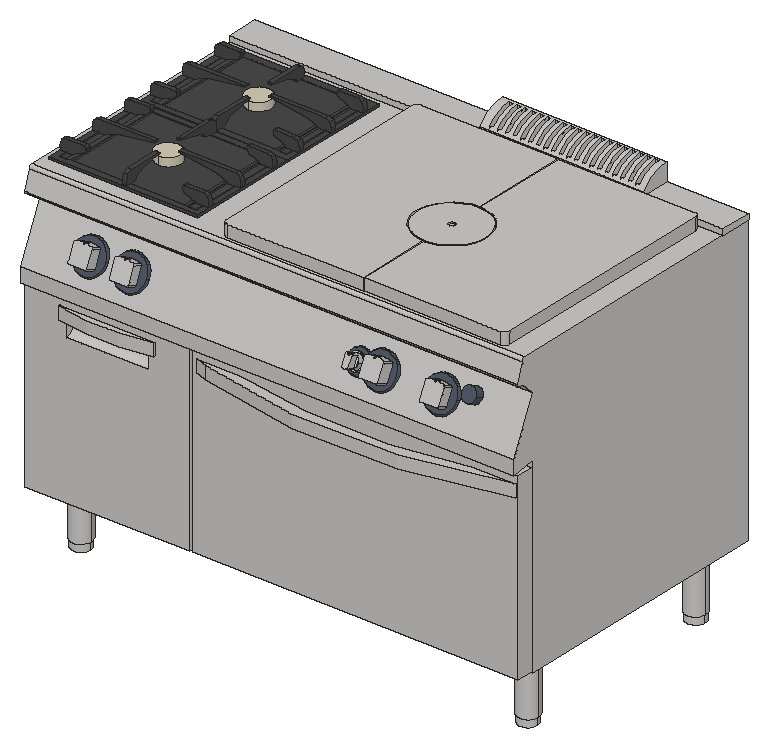
Revit family "QF_ZANUSSI_372010_Z7STGL3010", category Specialty Equipment, Revit 2018 (continued)
Automatic sketch dimensions
  Extrusion 8 sketch curve to plane 5 "FRONT" = 0 mm
  plane 9 "Base" to Extrusion 8 sketch curve = 6.458 mm
  Extrusion 8 sketch curve to plane 5 "FRONT" = 35.998 mm
  plane 9 "Base" to Extrusion 8 sketch curve = 5 mm
  curve 110 to curve 111 = 0 mm  (x2)
  curve 110 to curve 112 = 0 mm  (x2)
  curve 110 to curve 113 = 0 mm  (x2)
  curve 111 to curve 112 = 0 mm  (x2)
  curve 111 to curve 113 = 0 mm  (x2)
  curve 112 to curve 113 = 0 mm  (x2)
  curve 2 to plane 4 "RIGHT" = 0 mm
  plane 1 "BACK" to curve 92 = 0 mm
  plane 11 to curve 199 = 0 mm
  curve 1 to plane 3 "LEFT" = 0 mm
  plane 4 "RIGHT" to curve 11 = 150 mm
  curve 108 to plane 4 "RIGHT" = 52.4 mm
  curve 107 to curve 106 = 12.7 mm
  curve 109 to curve 102 = 12.7 mm
  plane 1 "BACK" to curve 60 = 63.911 mm
  curve 102 to curve 60 = 147.347 mm
  curve 60 to curve 61 = 9.296 mm
  curve 62 to curve 64 = 9.397 mm
  curve 64 to curve 66 = 9.296 mm
  curve 66 to curve 71 = 9.397 mm
  curve 68 to curve 70 = 9.296 mm
  curve 70 to curve 72 = 9.397 mm
  curve 72 to curve 73 = 9.296 mm
  curve 74 to curve 79 = 9.397 mm
  curve 76 to curve 79 = 9.296 mm
  curve 78 to curve 80 = 9.397 mm
  curve 80 to curve 81 = 9.296 mm
  curve 82 to curve 87 = 9.397 mm
  curve 84 to curve 86 = 9.296 mm
  curve 86 to curve 91 = 9.397 mm
  curve 88 to curve 91 = 9.296 mm
  curve 89 to curve 16 = 9.397 mm
  curve 16 to curve 18 = 9.296 mm
  curve 17 to curve 21 = 9.397 mm
  curve 20 to curve 23 = 9.296 mm
  plane 8 "Center X" to curve 103 = 30.487 mm
  plane 7 "Center Y" to curve 103 = 204.128 mm
  curve 105 to plane 5 "FRONT" = 27.7 mm
  plane 7 "Center Y" to curve 105 = 203.647 mm
  curve 104 to curve 100 = 1.245 mm
  curve 100 to curve 110 = 0.283 mm
  curve 110 to curve 104 = 0.04 mm
  curve 104 to curve 101 = 2.956 mm
  curve 105 to curve 99 = 2.634 mm
  curve 21 to curve 25 = 9.397 mm
  curve 24 to curve 27 = 9.296 mm
  curve 26 to curve 28 = 9.397 mm
  curve 28 to curve 30 = 9.296 mm
  curve 30 to curve 32 = 9.397 mm
  curve 32 to curve 35 = 9.296 mm
  curve 34 to curve 39 = 9.397 mm
  curve 36 to curve 38 = 9.296 mm
  curve 37 to curve 41 = 9.397 mm
  curve 40 to curve 42 = 9.296 mm
  curve 41 to curve 44 = 9.397 mm
  curve 44 to curve 46 = 9.296 mm
  curve 46 to curve 48 = 9.397 mm
  curve 48 to curve 50 = 9.296 mm
  curve 50 to curve 55 = 9.397 mm
  curve 52 to curve 54 = 9.296 mm
  curve 53 to curve 56 = 9.397 mm
  curve 56 to curve 59 = 9.296 mm
  curve 57 to curve 13 = 9.397 mm
  curve 12 to curve 15 = 9.296 mm
  curve 98 to plane 5 "FRONT" = 27.7 mm
  curve 98 to plane 7 "Center Y" = 129.7 mm
  curve 95 to plane 7 "Center Y" = 129.7 mm
  curve 95 to curve 96 = 12.7 mm
  curve 9 to plane 3 "LEFT" = 150 mm
  curve 10 to plane 1 "BACK" = 150 mm
  plane 1 "BACK" to curve 82 = 6.761 mm
  plane 1 "BACK" to curve 87 = 6.761 mm
  plane 1 "BACK" to curve 90 = 6.761 mm
  plane 1 "BACK" to curve 59 = 6.761 mm
  plane 1 "BACK" to curve 12 = 6.761 mm
  plane 1 "BACK" to curve 79 = 6.761 mm
  plane 1 "BACK" to curve 16 = 6.761 mm
  plane 1 "BACK" to curve 75 = 6.761 mm
  plane 1 "BACK" to curve 20 = 6.761 mm
  plane 1 "BACK" to curve 71 = 6.761 mm
  plane 1 "BACK" to curve 24 = 6.761 mm
  plane 1 "BACK" to curve 67 = 6.761 mm
  plane 1 "BACK" to curve 28 = 6.761 mm
  plane 1 "BACK" to curve 63 = 6.761 mm
  plane 1 "BACK" to curve 32 = 6.761 mm
  plane 1 "BACK" to curve 55 = 6.761 mm
  plane 1 "BACK" to curve 36 = 6.761 mm
  plane 1 "BACK" to curve 51 = 6.761 mm
  plane 1 "BACK" to curve 40 = 6.761 mm
  plane 1 "BACK" to curve 47 = 6.761 mm
  curve 46 to curve 46 = 57.15 mm
  curve 44 to curve 42 = 0 mm
  curve 48 to curve 45 = 0 mm
  curve 40 to curve 38 = 0 mm
  curve 52 to curve 49 = 0 mm
  curve 36 to curve 34 = 0 mm
  curve 56 to curve 53 = 0 mm
  curve 32 to curve 30 = 0 mm
  curve 86 to curve 86 = 57.15 mm
  curve 28 to curve 26 = 0 mm
  curve 64 to curve 61 = 0 mm
  curve 24 to curve 22 = 0 mm
  curve 68 to curve 65 = 0 mm
  curve 20 to curve 18 = 0 mm
  curve 72 to curve 69 = 0 mm
  curve 14 to curve 57 = 0 mm
  curve 76 to curve 73 = 0 mm
  curve 88 to curve 85 = 0 mm
  curve 80 to curve 77 = 0 mm
  curve 24 to curve 102 = 18.389 mm
  curve 94 to curve 102 = 0 mm
  curve 104 to curve 101 = 0.006 mm
  curve 100 to plane 8 "Center X" = 54.999 mm
  curve 100 to curve 104 = 0 mm
  curve 104 to curve 112 = 0.001 mm
  plane 14 to curve 4 = 0.129 mm
  plane 14 to curve 7 = 0.129 mm
  curve 92 to curve 60 = 14.847 mm
  plane 7 "Center Y" to curve 93 = 2.4 mm
  curve 199 to plane 7 "Center Y" = 191.5 mm
  curve 199 to curve 198 = 8 mm
  curve 5 to curve 108 = 25.15 mm
  curve 5 to curve 6 = 6.35 mm
  curve 100 to curve 111 = 2.881 mm
  curve 113 to curve 104 = 6.999 mm
  plane 14 to curve 198 = 0.129 mm
  plane 14 to curve 9 = 0.129 mm
  plane 14 to curve 11 = 0.129 mm
  plane 14 to curve 199 = 0.129 mm
  plane 14 to Extrusion 9 sketch curve = 0 mm  (x2)
  Extrusion 9 sketch curve to plane 3 "LEFT" = 0 mm
  plane 1 "BACK" to Extrusion 9 sketch curve = 0 mm
  Extrusion 9 sketch curve to plane 4 "RIGHT" = 0 mm
  Extrusion 9 sketch curve to plane 3 "LEFT" = 150 mm
  plane 4 "RIGHT" to Extrusion 9 sketch curve = 150 mm
  Extrusion 9 sketch curve to plane 1 "BACK" = 150 mm
  Extrusion 10 sketch curve to Extrusion 10 sketch curve = 0 mm  (x5)
  plane 1 "BACK" to Extrusion 10 sketch curve = 82.3 mm
  Extrusion 10 sketch curve to Extrusion 10 sketch curve = 12.7 mm  (x2)
  plane 8 "Center X" to Extrusion 10 sketch curve = 30.487 mm
  Extrusion 10 sketch curve to Extrusion 10 sketch curve = 0.006 mm
  Extrusion 10 sketch curve to plane 8 "Center X" = 54.999 mm
  Extrusion 10 sketch curve to Extrusion 10 sketch curve = 0.001 mm
  Extrusion 10 sketch curve to Extrusion 10 sketch curve = 85.475 mm
  Extrusion 10 sketch curve to Extrusion 10 sketch curve = 0.017 mm
  Extrusion 10 sketch curve to plane 5 "FRONT" = 40.4 mm  (x2)
  Extrusion 10 sketch curve to plane 5 "FRONT" = 27.7 mm
  Extrusion 10 sketch curve to plane 7 "Center Y" = 142.4 mm
  plane 7 "Center Y" to Extrusion 10 sketch curve = 201.013 mm
  Extrusion 10 sketch curve to Extrusion 10 sketch curve = 330.871 mm
  Extrusion 10 sketch curve to Extrusion 10 sketch curve = 0.324 mm
  Extrusion 10 sketch curve to Extrusion 10 sketch curve = 0.04 mm
  Extrusion 10 sketch curve to Extrusion 10 sketch curve = 2.634 mm
  Extrusion 10 sketch curve to plane 4 "RIGHT" = 65.1 mm
  Extrusion 11 sketch curve to Extrusion 11 sketch curve = 0 mm  (x2)
  Extrusion 11 sketch curve to plane 8 "Center X" = 55 mm
  plane 7 "Center Y" to Extrusion 11 sketch curve = 202.6 mm
  Extrusion 11 sketch curve to Extrusion 11 sketch curve = 7 mm
  plane 1 "BACK" to Extrusion 12 sketch curve = 63.911 mm  (x2)
  Extrusion 12 sketch curve to plane 4 "RIGHT" = 212.447 mm
  Extrusion 12 sketch curve to Extrusion 12 sketch curve = 9.296 mm  (x20)
  Extrusion 12 sketch curve to Extrusion 12 sketch curve = 9.397 mm  (x19)
  Extrusion 12 sketch curve to Extrusion 12 sketch curve = 0 mm  (x18)
  plane 1 "BACK" to Extrusion 12 sketch curve = 6.761 mm  (x20)
  Extrusion 13 sketch curve to plane 1 "BACK" = 0 mm
  Extrusion 13 sketch curve to plane 6 "TOP" = 0 mm
  plane 1 "BACK" to Extrusion 13 sketch curve = 1.769 mm
  plane 10 to Extrusion 13 sketch curve = 23.813 mm
  plane 1 "BACK" to Extrusion 13 sketch curve = 69.85 mm
  plane 10 to Extrusion 13 sketch curve = 14.288 mm
  plane 13 to Blend 14 sketch curve = 30.042 mm  (x2)
  plane 13 to Extrusion 15 sketch curve = 53.042 mm
  Extrusion 15 sketch curve to Extrusion 15 sketch curve = 2.997 mm  (x3)
  Extrusion 15 sketch curve to Extrusion 15 sketch curve = 20.003 mm
  plane 13 to Extrusion 15 sketch curve = 10.039 mm  (x2)
  Extrusion 15 sketch curve to Extrusion 15 sketch curve = 5.399 mm
  Extrusion 15 sketch curve to Extrusion 15 sketch curve = 40.037 mm
  Extrusion 15 sketch curve to Extrusion 15 sketch curve = 0 mm  (x2)
  plane 12 "panel" to Extrusion 16 sketch curve = 35 mm
  plane 5 "FRONT" to Extrusion 16 sketch curve = 5.671 mm
  Extrusion 16 sketch curve to Extrusion 16 sketch curve = 3 mm
  Extrusion 16 sketch curve to Extrusion 16 sketch curve = 0 mm  (x2)
  Extrusion 16 sketch curve to Extrusion 16 sketch curve = 1 mm
  Extrusion 16 sketch curve to Extrusion 16 sketch curve = 15 mm
  plane 13 to Extrusion 17 sketch curve = 47.542 mm
  plane 13 to Extrusion 17 sketch curve = 12.542 mm
  Extrusion 17 sketch curve to Extrusion 17 sketch curve = 35 mm
  plane 12 "panel" to Extrusion 18 sketch curve = 35 mm
  plane 5 "FRONT" to Extrusion 18 sketch curve = 5.671 mm
  Extrusion 18 sketch curve to Extrusion 18 sketch curve = 3 mm
  Extrusion 18 sketch curve to Extrusion 18 sketch curve = 0 mm
  Extrusion 18 sketch curve to Extrusion 18 sketch curve = 1 mm  (x2)
  Extrusion 18 sketch curve to Extrusion 18 sketch curve = 15 mm
  Extrusion 19 sketch curve to plane 13 = 87.458 mm
  Extrusion 19 sketch curve to Extrusion 19 sketch curve = 35 mm  (x2)
  Blend 20 sketch curve to plane 13 = 69.958 mm  (x2)
  Extrusion 21 sketch curve to plane 13 = 92.958 mm
  Extrusion 21 sketch curve to Extrusion 21 sketch curve = 2.997 mm  (x3)
  Extrusion 21 sketch curve to Extrusion 21 sketch curve = 20.003 mm  (x2)
  Extrusion 21 sketch curve to Extrusion 21 sketch curve = 40.005 mm
  Extrusion 21 sketch curve to Extrusion 21 sketch curve = 0 mm  (x2)
  Extrusion 21 sketch curve to Extrusion 21 sketch curve = 40.037 mm
  Extrusion 21 sketch curve to Extrusion 21 sketch curve = 5.399 mm
  Split face 2 sketch curve to Split face 2 sketch curve = 6 mm
  Split face 2 sketch curve to Split face 2 sketch curve = 10 mm
  Split face 3 sketch curve to Split face 3 sketch curve = 5 mm
  Split face 3 sketch curve to Split face 3 sketch curve = 9 mm
  Split face 4 sketch curve to Split face 4 sketch curve = 5 mm
  Split face 5 sketch curve to Split face 5 sketch curve = 5 mm
  Split face 6 sketch curve to Split face 6 sketch curve = 6 mm
  Split face 6 sketch curve to Split face 6 sketch curve = 10 mm
  Split face 7 sketch curve to Split face 7 sketch curve = 5 mm
  Split face 7 sketch curve to Split face 7 sketch curve = 9 mm
  Split face 8 sketch curve to Split face 8 sketch curve = 5 mm
  Split face 9 sketch curve to Split face 9 sketch curve = 5 mm
  plane 7 "Center Y" to Blend 22 sketch curve = 202 mm  (x2)
  Blend 22 sketch curve to Blend 22 sketch curve = 53 mm  (x2)
  Blend 22 sketch curve to Blend 22 sketch curve = 0 mm  (x2)
  Blend 22 sketch curve to Blend 22 sketch curve = 17.95 mm
  Blend 22 sketch curve to Blend 22 sketch curve = 24.037 mm
  Blend 22 sketch curve to Blend 22 sketch curve = 18.422 mm
  Blend 22 sketch curve to Blend 22 sketch curve = 21.086 mm
  plane 7 "Center Y" to Extrusion 23 sketch curve = 199.999 mm
  plane 12 "panel" to Extrusion 24 sketch curve = 40 mm
  plane 7 "Center Y" to Extrusion 24 sketch curve = 183.107 mm
  Extrusion 24 sketch curve to Extrusion 24 sketch curve = 6.058 mm
  Extrusion 24 sketch curve to Extrusion 24 sketch curve = 0.01 mm  (x4)
  Extrusion 24 sketch curve to Extrusion 24 sketch curve = 8.895 mm  (x2)
  Extrusion 24 sketch curve to Extrusion 24 sketch curve = 15.995 mm
  Extrusion 24 sketch curve to Extrusion 24 sketch curve = 2.827 mm
  Extrusion 24 sketch curve to Extrusion 24 sketch curve = 15.163 mm
  Extrusion 24 sketch curve to Extrusion 24 sketch curve = 0 mm
  Extrusion 24 sketch curve to Extrusion 24 sketch curve = 15.173 mm
  plane 7 "Center Y" to Extrusion 25 sketch curve = 232 mm
  Extrusion 25 sketch curve to Extrusion 25 sketch curve = 2.997 mm  (x3)
  Extrusion 25 sketch curve to Extrusion 25 sketch curve = 20.003 mm  (x2)
  Extrusion 25 sketch curve to Extrusion 25 sketch curve = 40.005 mm
  Extrusion 25 sketch curve to Extrusion 25 sketch curve = 5.399 mm
  Extrusion 25 sketch curve to Extrusion 25 sketch curve = 40.037 mm
  Extrusion 25 sketch curve to Extrusion 25 sketch curve = 0 mm  (x2)
  Split face 43 sketch curve to Split face 43 sketch curve = 2.545 mm
  Split face 43 sketch curve to Split face 43 sketch curve = 4.379 mm
  Blend 26 sketch curve to plane 4 "RIGHT" = 197.543 mm  (x2)
  Extrusion 27 sketch curve to plane 4 "RIGHT" = 220.543 mm
  Extrusion 27 sketch curve to Extrusion 27 sketch curve = 2.997 mm  (x3)
  Extrusion 27 sketch curve to Extrusion 27 sketch curve = 20.003 mm  (x2)
  Extrusion 27 sketch curve to Extrusion 27 sketch curve = 40.005 mm
  Extrusion 27 sketch curve to Extrusion 27 sketch curve = 5.399 mm
  Extrusion 27 sketch curve to Extrusion 27 sketch curve = 40.037 mm
  Extrusion 27 sketch curve to Extrusion 27 sketch curve = 0 mm  (x2)
  plane 12 "panel" to Extrusion 28 sketch curve = 35 mm
  plane 5 "FRONT" to Extrusion 28 sketch curve = 5.671 mm
  Extrusion 28 sketch curve to Extrusion 28 sketch curve = 3 mm
  Extrusion 28 sketch curve to Extrusion 28 sketch curve = 0 mm  (x2)
  Extrusion 28 sketch curve to Extrusion 28 sketch curve = 1 mm
  Extrusion 28 sketch curve to Extrusion 28 sketch curve = 15 mm
  Extrusion 29 sketch curve to plane 4 "RIGHT" = 215.043 mm
  Extrusion 29 sketch curve to Extrusion 29 sketch curve = 35 mm  (x2)
  Split face 45 sketch curve to Split face 45 sketch curve = 6 mm
  Split face 45 sketch curve to Split face 45 sketch curve = 10 mm
  Split face 46 sketch curve to Split face 46 sketch curve = 5 mm
  Split face 46 sketch curve to Split face 46 sketch curve = 9 mm
  Split face 47 sketch curve to Split face 47 sketch curve = 5 mm
  Split face 48 sketch curve to Split face 48 sketch curve = 5 mm
  Extrusion 30 sketch curve to plane 4 "RIGHT" = 122.817 mm
  Extrusion 31 sketch curve to plane 4 "RIGHT" = 122.817 mm
  plane 7 "Center Y" to Extrusion 32 sketch curve = 199.999 mm
  Extrusion 33 sketch curve to Extrusion 33 sketch curve = 0 mm  (x6)
  plane 5 "FRONT" to Extrusion 33 sketch curve = 0 mm  (x2)
  Extrusion 33 sketch curve to plane 4 "RIGHT" = 5.75 mm
  Extrusion 33 sketch curve to Extrusion 33 sketch curve = 93.605 mm
  plane 7 "Center Y" to Extrusion 33 sketch curve = 204.25 mm
  Extrusion 33 sketch curve to plane 1 "BACK" = 537.5 mm
  Extrusion 33 sketch curve to plane 14 = 4.65 mm
  plane 5 "FRONT" to Extrusion 34 sketch curve = 0 mm
  Extrusion 34 sketch curve to plane 13 = 138.301 mm
  Extrusion 34 sketch curve to plane 13 = 23.028 mm
  plane 3 "LEFT" to Extrusion 34 sketch curve = 85.253 mm
  plane 1 "BACK" to Extrusion 34 sketch curve = 161.295 mm
  Extrusion 34 sketch curve to Extrusion 34 sketch curve = 3 mm
  plane 5 "FRONT" to curve 185 = 0 mm
  plane 5 "FRONT" to curve 181 = 0 mm
  plane 5 "FRONT" to curve 180 = 0 mm
  plane 5 "FRONT" to curve 184 = 0 mm
  plane 14 to curve 179 = 11.977 mm
  plane 7 "Center Y" to curve 179 = 207.997 mm
  curve 186 to plane 5 "FRONT" = 1.937 mm
  curve 179 to curve 186 = 7.998 mm
  plane 14 to curve 178 = 11.977 mm
  curve 182 to curve 182 = 2.259 mm
  curve 181 to curve 182 = 0.319 mm
  curve 181 to curve 179 = 3.717 mm
  curve 182 to curve 181 = 1.423 mm
  curve 185 to curve 181 = 4.288 mm
  curve 181 to curve 186 = 0.001 mm
  curve 181 to curve 180 = 0.001 mm
  plane 14 to curve 183 = 0.716 mm
  curve 183 to curve 183 = 0.865 mm
  curve 183 to plane 14 = 1.976 mm
  curve 183 to curve 180 = 0.141 mm
  curve 178 to curve 180 = 3.718 mm
  curve 181 to curve 180 = 0 mm
  plane 5 "FRONT" to curve 179 = 1.224 mm
  plane 5 "FRONT" to curve 178 = 1.224 mm
  curve 184 to curve 184 = 4.847 mm
  curve 186 to curve 180 = 6.784 mm
  curve 184 to curve 181 = 0.003 mm
  curve 185 to curve 185 = 4.85 mm
  curve 181 to curve 182 = 0.047 mm
  Extrusion 35 sketch curve to plane 5 "FRONT" = 0 mm
  Extrusion 35 sketch curve to plane 11 = 0.028 mm
  plane 9 "Base" to Extrusion 35 sketch curve = 6.461 mm
  Extrusion 35 sketch curve to plane 5 "FRONT" = 36.025 mm
  plane 9 "Base" to Extrusion 35 sketch curve = 5 mm
  plane 9 "Base" to Extrusion 36 sketch curve = 5 mm
  Extrusion 36 sketch curve to plane 7 "Center Y" = 199.5 mm
  Extrusion 36 sketch curve to Extrusion 36 sketch curve = 8 mm
  Extrusion 36 sketch curve to plane 10 = 250 mm
  Extrusion 37 sketch curve to plane 5 "FRONT" = 0 mm
  plane 5 "FRONT" to Extrusion 37 sketch curve = 2.777 mm
  Extrusion 37 sketch curve to plane 5 "FRONT" = 21.853 mm
  Extrusion 37 sketch curve to plane 10 = 334.95 mm
  Extrusion 37 sketch curve to Extrusion 37 sketch curve = 26.327 mm
  plane 12 "panel" to Extrusion 38 sketch curve = 35 mm
  plane 5 "FRONT" to Extrusion 38 sketch curve = 5.671 mm
  Extrusion 38 sketch curve to Extrusion 38 sketch curve = 3 mm
  Extrusion 38 sketch curve to Extrusion 38 sketch curve = 0 mm  (x2)
  Extrusion 38 sketch curve to Extrusion 38 sketch curve = 1 mm
  Extrusion 38 sketch curve to Extrusion 38 sketch curve = 15 mm
  plane 12 "panel" to Extrusion 39 sketch curve = 41 mm
  plane 5 "FRONT" to Extrusion 39 sketch curve = 16.082 mm
  Extrusion 39 sketch curve to Extrusion 39 sketch curve = 3 mm
  Extrusion 39 sketch curve to Extrusion 39 sketch curve = 0 mm  (x2)
  Extrusion 39 sketch curve to Extrusion 39 sketch curve = 1 mm
  Extrusion 39 sketch curve to Extrusion 39 sketch curve = 15 mm
  radius of Extrusion 7 sketch curve = 6.35 mm
  radius of Extrusion 10 sketch curve = 82.6 mm
  radius of Extrusion 10 sketch curve = 7 mm
  radius of Blend 14 sketch curve = 42.5 mm
  radius of Blend 14 sketch curve = 40.5 mm
  radius of Split face 1 sketch curve = 3 mm
  radius of Blend 20 sketch curve = 42.5 mm
  radius of Blend 20 sketch curve = 40.5 mm
  radius of Split face 10 sketch curve = 1.5 mm
  radius of Split face 11 sketch curve = 2.029 mm
  radius of Split face 12 sketch curve = 2.031 mm
  radius of Split face 13 sketch curve = 3.497 mm
  radius of Split face 14 sketch curve = 3.497 mm
  radius of Split face 15 sketch curve = 3 mm
  radius of Split face 16 sketch curve = 1.5 mm
  radius of Extrusion 23 sketch curve = 20 mm
  radius of Split face 17 sketch curve = 1 mm
  radius of Split face 18 sketch curve = 1 mm
  radius of Split face 19 sketch curve = 1 mm
  radius of Split face 20 sketch curve = 1 mm
  radius of Split face 21 sketch curve = 1 mm
  radius of Split face 22 sketch curve = 1 mm
  radius of Split face 23 sketch curve = 1 mm
  radius of Split face 24 sketch curve = 1 mm
  radius of Split face 25 sketch curve = 1 mm
  radius of Split face 26 sketch curve = 1 mm
  radius of Split face 27 sketch curve = 1 mm
  radius of Split face 28 sketch curve = 1 mm
  radius of Split face 29 sketch curve = 1 mm
  radius of Split face 30 sketch curve = 1 mm
  radius of Split face 31 sketch curve = 1 mm
  radius of Split face 32 sketch curve = 1 mm
  radius of Split face 33 sketch curve = 1 mm
  radius of Split face 34 sketch curve = 1 mm
  radius of Split face 35 sketch curve = 1 mm
  radius of Split face 36 sketch curve = 1 mm
  radius of Split face 37 sketch curve = 1 mm
  radius of Split face 38 sketch curve = 1 mm
  radius of Split face 39 sketch curve = 1 mm
  radius of Split face 40 sketch curve = 1 mm
  radius of Split face 41 sketch curve = 1.508 mm
  radius of Split face 42 sketch curve = 1.343 mm
  radius of Blend 26 sketch curve = 42.5 mm
  radius of Blend 26 sketch curve = 40.5 mm
  radius of Split face 44 sketch curve = 3 mm
  radius of Split face 49 sketch curve = 1.5 mm
  radius of Split face 50 sketch curve = 2.029 mm
  radius of Split face 51 sketch curve = 3.497 mm
  radius of Extrusion 30 sketch curve = 18 mm
  radius of Extrusion 31 sketch curve = 15 mm
  radius of Extrusion 32 sketch curve = 16 mm
Nested families
  nested 1: "QF_372010_BURNER" at (8.5, -5, 0), type "QF_372010_BURNER"
    with Type Mark "", Status "", Specification by User "", Revision Code "", Item Number "", Installed By "", Identify Quantity as Lot yes, Furnished By "", Foodservice Equipment Identifier yes
  nested 2: "QF_372010_BURNER" at (8.5, -739.127, 0.05), type "QF_372010_BURNER"
    with Type Mark "", Status "", Specification by User "", Revision Code "", Item Number "", Installed By "", Identify Quantity as Lot yes, Furnished By "", Foodservice Equipment Identifier yes
Connectors
  piping at (1147.613, -464, 141.185), diameter 12.8
    settings: on Extrusion 7, index 1, connector inside diameter 0.50394", connector length 0 mm, flow factor 0, pipe flow 0 GPM, pressure drop 0.00 psi, fitting loss kfactor 0, connector angle 0.00°, fixture units 0, engagement length 0 mm, angle of deflection 0.00°, flow configuration 1, flow direction 1, fitting loss method 0, system type 7, joint type 0, gender type 0, connector reference index -1, connector utility 0, adjustable connector no, is connector primary yes, connector description "Gas Inlet"
Definition of nested family "QF_372010_BURNER"
  Parameters
    Weight in Pounds = 0
    URL Cutsheet = ""
    URL = "www.electrolux.com"
    Type Mark [instance] = ""
    Status [instance] = ""
    Specification by User [instance] = ""
    Specification by Manufacturer = ""
    Serial Number = ""
    Seismic Rating = ""
    SMACNA No = ""
    Revision Code [instance] = ""
    Omniclass Number and Title = ""
    NAFEM Spec ID Number = ""
    Model = "371009"
    Masterspec = ""
    Manufacturer = "ELECTROLUX"
    Item Number [instance] = ""
    Installed By [instance] = ""
    Identify Quantity as Lot [instance] = yes
    Furnished By [instance] = ""
    Foodservice Equipment Identifier [instance] = yes
    Description = ""
    CSI MasterFormat = ""
    CSI Master Format = ""
  Reference planes
    plane 1 "BACK": y = 0
    plane 2: z = 0
    plane 3 "LEFT": x = 0
    plane 4 "RIGHT": x = 800
    plane 5 "FRONT": y = -700
    plane 6 "TOP": z = 908.85
    plane 7 "Center Y": x = 400
    plane 8 "Center X": y = -350
    plane 9 "Base": z = 150
    plane 10: z = 850.85
  Forms (mm)
    Extrusion 1, solid
      sketch origin (0, -734.127, 5) x (1, 0, 0) y (0, 0, -1)
        loop
          arc (7.142, -850.85) -> (6.739, -862.989) -> (9.761, -874.752) r 42.809
          line (9.761, -874.752) -> (19.961, -879.425) -> (157.339, -879.425)
          arc (157.339, -879.425) -> (158.533, -878.312) -> (157.506, -877.043) r 1.197
          line (157.506, -877.043) -> (64.848, -864.021)
          arc (64.848, -864.021) -> (50.111, -858.738) -> (36.589, -850.85) r 85.245
          line (36.589, -850.85) -> (7.142, -850.85)
        loop
          line (367.858, -850.85) -> (338.411, -850.85)
          arc (338.411, -850.85) -> (324.889, -858.738) -> (310.152, -864.021) r 85.245
          line (310.152, -864.021) -> (217.494, -877.043)
          arc (217.494, -877.043) -> (216.467, -878.312) -> (217.661, -879.425) r 1.197
          line (217.661, -879.425) -> (355.039, -879.425) -> (365.239, -874.752)
          arc (365.239, -874.752) -> (368.261, -862.989) -> (367.858, -850.85) r 42.809
      from 224.564 to 234.564
    Extrusion 2, solid
      sketch origin (0, -734.127, 5) x (1, 0, 0) y (0, 0, -1)
        loop
          arc (7.056, -850.85) -> (6.705, -862.948) -> (9.748, -874.663) r 42.876
          line (9.748, -874.663) -> (19.961, -879.425) -> (65.851, -879.425)
          arc (65.851, -879.425) -> (68.577, -878.352) -> (69.841, -875.709) r 4
          arc (69.841, -875.709) -> (68.75, -869.25) -> (64.816, -864.012) r 13.87
          arc (64.816, -864.012) -> (50.096, -858.731) -> (36.589, -850.85) r 85.245
          line (36.589, -850.85) -> (7.056, -850.85)
        loop
          line (367.944, -850.85) -> (338.411, -850.85)
          arc (338.411, -850.85) -> (324.904, -858.731) -> (310.184, -864.012) r 85.245
          arc (310.184, -864.012) -> (306.25, -869.25) -> (305.159, -875.709) r 13.87
          arc (305.159, -875.709) -> (306.423, -878.352) -> (309.149, -879.425) r 4
          line (309.149, -879.425) -> (355.039, -879.425) -> (365.252, -874.663)
          arc (365.252, -874.663) -> (368.295, -862.948) -> (367.944, -850.85) r 42.876
      from 127.064 to 137.064
    Extrusion 3, solid
      sketch origin (0, -275, 5) x (1, 0, 0) y (0, 0, 1)
        loop
          arc (64.816, 864.012) -> (68.75, 869.25) -> (69.841, 875.709) r 13.87
          arc (69.841, 875.709) -> (68.577, 878.352) -> (65.851, 879.425) r 4
          line (65.851, 879.425) -> (19.961, 879.425) -> (9.748, 874.663)
          arc (9.748, 874.663) -> (6.705, 862.948) -> (7.056, 850.85) r 42.876
          line (7.056, 850.85) -> (36.589, 850.85)
          arc (36.589, 850.85) -> (50.096, 858.731) -> (64.816, 864.012) r 85.245
        loop
          arc (310.184, 864.012) -> (324.904, 858.731) -> (338.411, 850.85) r 85.245
          line (338.411, 850.85) -> (367.944, 850.85)
          arc (367.944, 850.85) -> (368.295, 862.948) -> (365.252, 874.663) r 42.876
          line (365.252, 874.663) -> (355.039, 879.425) -> (309.149, 879.425)
          arc (309.149, 879.425) -> (306.423, 878.352) -> (305.159, 875.709) r 4
          arc (305.159, 875.709) -> (306.25, 869.25) -> (310.184, 864.012) r 13.87
      from 127.064 to 137.064
    Extrusion 4, solid
      sketch origin (454.964, -29.48, 5) x (0, -1, 0) y (0, 0, 1)
        loop
          arc (366.649, 850.85) -> (375.927, 861.743) -> (389.337, 866.736) r 28.426
          line (389.337, 866.736) -> (441.256, 877.043)
          arc (441.256, 877.043) -> (442.283, 878.312) -> (441.089, 879.425) r 1.197
          line (441.089, 879.425) -> (347.797, 879.425)
          arc (347.797, 879.425) -> (343.211, 875.934) -> (337.583, 874.694) r 13.39
          line (337.583, 874.694) -> (337.583, 850.85) -> (366.649, 850.85)
        loop
          arc (606.236, 850.85) -> (606.587, 862.948) -> (603.543, 874.663) r 42.876
          line (603.543, 874.663) -> (593.33, 879.425) -> (509.077, 879.425)
          arc (509.077, 879.425) -> (507.883, 878.312) -> (508.911, 877.043) r 1.197
          line (508.911, 877.043) -> (560.83, 866.736)
          arc (560.83, 866.736) -> (574.239, 861.743) -> (583.518, 850.85) r 28.426
          line (583.518, 850.85) -> (606.236, 850.85)
      from 262.464 to 272.464
    Extrusion 5, solid
      sketch origin (0, 0, 850.85) x (0, -1, 0) y (1, 0, 0)
        loop
          line (642.216, 6.433) -> (642.216, 368.567) -> (367.857, 368.567) -> (367.857, 6.433) -> (642.216, 6.433)
        loop
          line (382.857, 21.433) -> (627.216, 21.433) -> (627.216, 353.567) -> (382.857, 353.567) -> (382.857, 21.433)
      from 0 to 5
    Extrusion 6, solid
      sketch origin (-12.5, 0, 855.85) x (0, -1, 0) y (1, 0, 0)
        loop
          circle (504.356, 200) r 30
      from -1.321 to 17.134
    Extrusion 7, solid
      sketch origin (0, -734.127, 0) x (1, 0, 0) y (0, 0, -1)
        loop
          line (21.433, -855.85) -> (36.589, -855.85)
          arc (36.589, -855.85) -> (40.561, -855.243) -> (44.305, -853.783) r 18.259
          arc (44.305, -853.783) -> (45.997, -853.366) -> (47.69, -853.783) r 3.649
          arc (47.69, -853.783) -> (49.901, -854.522) -> (52.232, -854.529) r 7.328
          line (52.232, -854.529) -> (322.768, -854.529)
          arc (322.768, -854.529) -> (325.099, -854.522) -> (327.31, -853.783) r 7.328
          arc (327.31, -853.783) -> (329.003, -853.366) -> (330.695, -853.783) r 3.649
          arc (330.695, -853.783) -> (334.439, -855.243) -> (338.411, -855.85) r 18.259
          line (338.411, -855.85) -> (353.567, -855.85) -> (353.567, -850.85) -> (21.433, -850.85) -> (21.433, -855.85)
      from 106.911 to 351.27
  Lines and regions (mm)
    symbolic lines
      curve 1: line (6.433, -642.216, 150) -> (368.567, -642.216, 150)
      curve 2: line (6.433, -367.857, 150) -> (6.433, -642.216, 150)
      curve 3: line (368.567, -367.857, 150) -> (192.5, -367.857, 150)
      curve 4: line (368.567, -642.216, 150) -> (368.567, -367.857, 150)
      curve 5: line (353.567, -382.857, 150) -> (192.5, -382.857, 150)
      curve 6: line (353.567, -627.216, 150) -> (353.567, -607.064, 150)
      curve 7: line (21.433, -627.216, 150) -> (182.5, -627.216, 150)
      curve 8: line (21.433, -382.857, 150) -> (21.433, -402.064, 150)
      curve 9: line (52.232, -627.216, 150) -> (52.232, -607.064, 150)
      curve 10: line (322.567, -382.857, 150) -> (322.567, -402.064, 150)
      curve 11: line (148.125, -499.564, 150) -> (148.125, -382.857, 150)
      curve 12: line (154.375, -382.857, 150) -> (154.375, -499.564, 150)
      curve 13: arc (148.297, -509.564, 150) -> (159.191, -533.254, 150) -> (182.5, -544.942, 150) r 39.375
      curve 14: arc (220.42, -509.564, 150) -> (211.39, -528.832, 150) -> (192.5, -538.631, 150) r 33.125
      curve 15: line (220.625, -382.857, 150) -> (220.625, -499.564, 150)
      curve 16: line (226.875, -499.564, 150) -> (226.875, -382.857, 150)
      curve 17: line (192.5, -636.339, 150) -> (192.5, -535.619, 150)
      curve 18: arc (182.657, -474.75, 150) -> (166.195, -483.236, 150) -> (157.853, -499.771, 150) r 30
      curve 19: arc (192.224, -533.982, 150) -> (208.621, -525.661, 150) -> (217.084, -509.337, 150) r 30
      curve 20: line (368.567, -597.064, 150) -> (305.159, -597.064, 150)
      curve 21: line (6.433, -607.064, 150) -> (69.841, -607.064, 150)
      curve 22: line (6.433, -509.564, 150) -> (156.429, -509.564, 150)
      curve 23: line (368.567, -499.564, 150) -> (218.571, -499.564, 150)
      curve 24: line (6.433, -412.064, 150) -> (69.841, -412.064, 150)
      curve 25: line (368.567, -402.064, 150) -> (305.159, -402.064, 150)
      curve 26: line (69.841, -597.064, 150) -> (6.433, -597.064, 150)
      curve 27: line (305.159, -607.064, 150) -> (368.567, -607.064, 150)
      curve 28: line (69.841, -402.064, 150) -> (6.433, -402.064, 150)
      curve 29: line (305.159, -412.064, 150) -> (368.567, -412.064, 150)
      curve 30: arc (69.841, -597.064, 150) -> (74.841, -602.064, 150) -> (69.841, -607.064, 150) r 5
      curve 31: arc (305.159, -607.064, 150) -> (300.159, -602.064, 150) -> (305.159, -597.064, 150) r 5
      curve 32: arc (69.841, -402.064, 150) -> (74.841, -407.064, 150) -> (69.841, -412.064, 150) r 5
      curve 33: arc (305.159, -412.064, 150) -> (300.159, -407.064, 150) -> (305.159, -402.064, 150) r 5
      curve 34: line (21.433, -412.064, 150) -> (21.433, -499.564, 150)
      curve 35: line (52.232, -402.064, 150) -> (52.232, -382.857, 150)
      curve 36: line (21.433, -509.564, 150) -> (21.433, -597.064, 150)
      curve 37: line (52.232, -499.564, 150) -> (52.232, -412.064, 150)
      curve 38: line (52.232, -597.064, 150) -> (52.232, -509.564, 150)
      curve 39: line (21.433, -607.064, 150) -> (21.433, -627.216, 150)
      curve 40: line (322.567, -607.064, 150) -> (322.567, -627.216, 150)
      curve 41: line (353.567, -597.064, 150) -> (353.567, -509.564, 150)
      curve 42: line (322.567, -509.564, 150) -> (322.567, -597.064, 150)
      curve 43: line (353.567, -499.564, 150) -> (353.567, -412.064, 150)
      curve 44: line (353.567, -402.064, 150) -> (353.567, -382.857, 150)
      curve 45: line (322.567, -412.064, 150) -> (322.567, -499.564, 150)
      curve 46: line (156.429, -499.564, 150) -> (6.433, -499.564, 150)
      curve 47: line (218.571, -509.564, 150) -> (368.567, -509.564, 150)
      curve 48: arc (218.571, -499.564, 150) -> (213.571, -504.564, 150) -> (218.571, -509.564, 150) r 5
      curve 49: arc (156.429, -499.564, 150) -> (161.429, -504.564, 150) -> (156.429, -509.564, 150) r 5
      curve 50: arc (157.916, -509.337, 150) -> (166.379, -525.661, 150) -> (182.776, -533.982, 150) r 30
      curve 51: arc (217.147, -499.771, 150) -> (208.805, -483.236, 150) -> (192.343, -474.75, 150) r 30
      curve 52: line (182.5, -535.619, 150) -> (182.5, -636.339, 150)
      curve 53: line (192.5, -473.508, 150) -> (192.5, -367.064, 150)
      curve 54: arc (192.5, -535.619, 150) -> (187.5, -530.619, 150) -> (182.5, -535.619, 150) r 5
      curve 55: arc (192.5, -473.508, 150) -> (187.5, -478.508, 150) -> (182.5, -473.508, 150) r 5
      curve 56: line (182.5, -367.857, 150) -> (6.433, -367.857, 150)
      curve 57: line (182.5, -382.857, 150) -> (21.433, -382.857, 150)
      curve 58: arc (192.5, -404.571, 150) -> (196.398, -417.071, 150) -> (192.5, -429.571, 150) r 21.993
      curve 59: arc (196.181, -420.148, 150) -> (199.482, -417.071, 150) -> (196.181, -413.995, 150) r 3.084
      curve 60: arc (182.5, -404.571, 150) -> (178.602, -417.071, 150) -> (182.5, -429.571, 150) r 21.993
      curve 61: arc (178.819, -420.148, 150) -> (175.518, -417.071, 150) -> (178.819, -413.995, 150) r 3.084
      curve 62: line (182.5, -367.064, 150) -> (182.5, -473.508, 150)
      curve 63: arc (182.5, -538.631, 150) -> (163.61, -528.832, 150) -> (154.58, -509.564, 150) r 33.125
      curve 64: arc (192.5, -544.942, 150) -> (215.809, -533.254, 150) -> (226.703, -509.564, 150) r 39.375
      curve 65: line (182.5, -636.339, 150) -> (192.5, -636.339, 150)
      curve 66: line (182.5, -377.277, 150) -> (192.5, -377.277, 150)
      curve 67: line (182.5, -367.064, 150) -> (192.5, -367.064, 150)
      curve 68: line (192.5, -627.216, 150) -> (353.567, -627.216, 150)
  Dimensions and locks
    equal spacing: plane 3 "LEFT", plane 7 "Center Y", plane 4 "RIGHT"
    plane 3 "LEFT" to plane 4 "RIGHT" = 800 mm
    equal spacing: plane 5 "FRONT", plane 8 "Center X", plane 1 "BACK"
    plane 5 "FRONT" to plane 1 "BACK" = 700 mm
    plane 6 "TOP" to level = 908.85 mm
    plane 9 "Base" to level = 150 mm
    plane 6 "TOP" to plane 10 = 58 mm  (x2)
    aligned and locked: level to plane 2
  Automatic sketch dimensions
    Extrusion 5 sketch curve to Extrusion 5 sketch curve = 15 mm  (x2)
    Extrusion 5 sketch curve to Extrusion 5 sketch curve = 332.134 mm
    plane 3 "LEFT" to Extrusion 2 sketch curve = 7.056 mm
    plane 3 "LEFT" to Extrusion 2 sketch curve = 9.748 mm
    Extrusion 2 sketch curve to Extrusion 2 sketch curve = 10.213 mm  (x2)
    plane 10 to Extrusion 2 sketch curve = 5 mm  (x2)
    Extrusion 2 sketch curve to Extrusion 2 sketch curve = 29.533 mm
    Extrusion 2 sketch curve to Extrusion 2 sketch curve = 12.72 mm  (x2)
    Extrusion 2 sketch curve to Extrusion 2 sketch curve = 6.697 mm
    Extrusion 2 sketch curve to Extrusion 2 sketch curve = 8.81 mm
    Extrusion 2 sketch curve to Extrusion 2 sketch curve = 9.845 mm  (x2)
    Extrusion 2 sketch curve to Extrusion 2 sketch curve = 3.99 mm  (x2)
    Extrusion 2 sketch curve to Extrusion 2 sketch curve = 0 mm  (x2)
    Extrusion 2 sketch curve to Extrusion 2 sketch curve = 36.813 mm
    Extrusion 2 sketch curve to plane 7 "Center Y" = 111.122 mm
    Extrusion 2 sketch curve to plane 6 "TOP" = 28.141 mm
    Extrusion 2 sketch curve to plane 7 "Center Y" = 94.841 mm
    Extrusion 2 sketch curve to Extrusion 2 sketch curve = 1.035 mm
    Extrusion 2 sketch curve to Extrusion 2 sketch curve = 15.507 mm
    Extrusion 2 sketch curve to Extrusion 2 sketch curve = 16.628 mm
    Extrusion 2 sketch curve to Extrusion 2 sketch curve = 2.692 mm
    Extrusion 2 sketch curve to plane 6 "TOP" = 24.425 mm
    Extrusion 2 sketch curve to Extrusion 2 sketch curve = 28.575 mm
    Extrusion 2 sketch curve to Extrusion 2 sketch curve = 3.716 mm
    Extrusion 2 sketch curve to Extrusion 2 sketch curve = 4.763 mm  (x2)
    plane 3 "LEFT" to Extrusion 1 sketch curve = 7.142 mm
    plane 3 "LEFT" to Extrusion 1 sketch curve = 9.761 mm
    Extrusion 1 sketch curve to Extrusion 1 sketch curve = 10.201 mm  (x2)
    plane 10 to Extrusion 1 sketch curve = 5 mm  (x2)
    Extrusion 1 sketch curve to Extrusion 1 sketch curve = 29.447 mm
    Extrusion 1 sketch curve to Extrusion 1 sketch curve = 12.704 mm  (x2)
    Extrusion 1 sketch curve to Extrusion 1 sketch curve = 15.555 mm  (x2)
    Extrusion 1 sketch curve to Extrusion 1 sketch curve = 36.829 mm
    Extrusion 1 sketch curve to plane 6 "TOP" = 24.425 mm  (x2)
    Extrusion 1 sketch curve to Extrusion 1 sketch curve = 92.491 mm
    Extrusion 1 sketch curve to plane 6 "TOP" = 26.807 mm  (x2)
    Extrusion 1 sketch curve to Extrusion 1 sketch curve = 0.167 mm  (x2)
    Extrusion 1 sketch curve to Extrusion 1 sketch curve = 59.988 mm
    Extrusion 1 sketch curve to plane 7 "Center Y" = 111.122 mm
    plane 10 to Extrusion 1 sketch curve = 18.171 mm
    Extrusion 1 sketch curve to Extrusion 1 sketch curve = 21.274 mm
    Extrusion 1 sketch curve to Extrusion 1 sketch curve = 16.628 mm
    Extrusion 1 sketch curve to Extrusion 1 sketch curve = 2.618 mm
    Extrusion 1 sketch curve to Extrusion 1 sketch curve = 4.673 mm  (x2)
    Extrusion 1 sketch curve to Extrusion 1 sketch curve = 5.694 mm
    plane 3 "LEFT" to Extrusion 3 sketch curve = 7.056 mm
    plane 3 "LEFT" to Extrusion 3 sketch curve = 9.748 mm
    Extrusion 3 sketch curve to Extrusion 3 sketch curve = 10.213 mm  (x2)
    plane 10 to Extrusion 3 sketch curve = 5 mm  (x2)
    Extrusion 3 sketch curve to Extrusion 3 sketch curve = 29.533 mm
    Extrusion 3 sketch curve to Extrusion 3 sketch curve = 12.72 mm  (x2)
    Extrusion 3 sketch curve to Extrusion 3 sketch curve = 6.697 mm
    Extrusion 3 sketch curve to Extrusion 3 sketch curve = 8.81 mm
    Extrusion 3 sketch curve to Extrusion 3 sketch curve = 9.845 mm  (x2)
    Extrusion 3 sketch curve to Extrusion 3 sketch curve = 3.99 mm  (x2)
    Extrusion 3 sketch curve to Extrusion 3 sketch curve = 0 mm  (x2)
    Extrusion 3 sketch curve to Extrusion 3 sketch curve = 36.813 mm
    Extrusion 3 sketch curve to plane 7 "Center Y" = 111.122 mm
    Extrusion 3 sketch curve to plane 6 "TOP" = 28.141 mm
    Extrusion 3 sketch curve to plane 7 "Center Y" = 94.841 mm
    Extrusion 3 sketch curve to Extrusion 3 sketch curve = 1.035 mm
    Extrusion 3 sketch curve to Extrusion 3 sketch curve = 15.507 mm
    Extrusion 3 sketch curve to Extrusion 3 sketch curve = 16.628 mm
    Extrusion 3 sketch curve to Extrusion 3 sketch curve = 2.692 mm
    Extrusion 3 sketch curve to plane 10 = 64.377 mm  (x2)
    plane 10 to Extrusion 3 sketch curve = 12.281 mm  (x2)
    Extrusion 3 sketch curve to Extrusion 3 sketch curve = 10.713 mm
    Extrusion 5 to Extrusion 6 sketch curve = 121.499 mm
    Extrusion 5 to Extrusion 6 sketch curve = 166.067 mm
    plane 3 "LEFT" to Extrusion 5 sketch curve = 21.433 mm
    Extrusion 5 sketch curve to plane 5 "FRONT" = 72.784 mm
    plane 3 "LEFT" to Extrusion 7 sketch curve = 21.433 mm
    Extrusion 7 sketch curve to Extrusion 7 sketch curve = 14.402 mm
    plane 10 to Extrusion 7 sketch curve = 5 mm
    plane 10 to Extrusion 7 sketch curve = 2.933 mm  (x4)
    Extrusion 7 sketch curve to Extrusion 7 sketch curve = 7.716 mm  (x2)
    Extrusion 7 sketch curve to Extrusion 7 sketch curve = 0 mm  (x2)
    Extrusion 7 sketch curve to Extrusion 7 sketch curve = 1.692 mm  (x2)
    Extrusion 7 sketch curve to Extrusion 7 sketch curve = 3.385 mm  (x2)
    Extrusion 7 sketch curve to plane 10 = 3.559 mm  (x2)
    Extrusion 7 sketch curve to Extrusion 7 sketch curve = 302.478 mm
    Extrusion 7 sketch curve to Extrusion 7 sketch curve = 15.253 mm
    Extrusion 7 sketch curve to Extrusion 7 sketch curve = 15.156 mm  (x2)
    Extrusion 7 sketch curve to Extrusion 7 sketch curve = 3.233 mm
    Extrusion 7 sketch curve to plane 10 = 0 mm
    Extrusion 7 sketch curve to plane 7 "Center Y" = 77.232 mm
    Extrusion 5 sketch curve to plane 8 "Center X" = 32.857 mm
    plane 3 "LEFT" to Extrusion 5 sketch curve = 6.433 mm
    plane 1 "BACK" to Extrusion 5 sketch curve = 367.857 mm
    plane 10 to Extrusion 4 sketch curve = 5 mm  (x2)
    Extrusion 4 sketch curve to Extrusion 4 sketch curve = 29.066 mm
    Extrusion 4 sketch curve to Extrusion 4 sketch curve = 22.688 mm
    Extrusion 4 sketch curve to plane 10 = 7.392 mm  (x2)
    Extrusion 4 sketch curve to Extrusion 4 sketch curve = 25.583 mm
    Extrusion 4 sketch curve to plane 6 "TOP" = 24.425 mm  (x2)
    Extrusion 4 sketch curve to Extrusion 4 sketch curve = 51.752 mm
    Extrusion 4 sketch curve to Extrusion 4 sketch curve = 0.167 mm  (x2)
    Extrusion 4 sketch curve to plane 6 "TOP" = 26.807 mm
    Extrusion 4 sketch curve to Extrusion 4 sketch curve = 67.655 mm
    Extrusion 4 sketch curve to Extrusion 4 sketch curve = 49.024 mm
    Extrusion 4 sketch curve to Extrusion 4 sketch curve = 2.895 mm
    Extrusion 4 sketch curve to Extrusion 4 sketch curve = 3.153 mm
    Extrusion 4 sketch curve to Extrusion 4 sketch curve = 19.535 mm
    Extrusion 4 sketch curve to Extrusion 4 sketch curve = 9.813 mm
    Extrusion 4 sketch curve to Extrusion 4 sketch curve = 10.213 mm
    Extrusion 4 sketch curve to Extrusion 4 sketch curve = 22.718 mm
    Extrusion 4 sketch curve to Extrusion 4 sketch curve = 8.605 mm
    Extrusion 4 sketch curve to Extrusion 4 sketch curve = 4.731 mm
    Extrusion 4 sketch curve to Extrusion 4 sketch curve = 2.382 mm
    Extrusion 4 sketch curve to Extrusion 4 sketch curve = 8.658 mm
    Extrusion 4 sketch curve to plane 8 "Center X" = 17.064 mm
    curve 13 to curve 14 = 0 mm  (x2)
    curve 13 to curve 63 = 0 mm  (x2)
    curve 13 to curve 64 = 0 mm  (x2)
    curve 18 to curve 19 = 0 mm  (x2)
    curve 18 to curve 50 = 0 mm  (x2)
    curve 18 to curve 51 = 0 mm  (x2)
    curve 25 to plane 7 "Center Y" = 31.433 mm
    curve 3 to curve 44 = 15 mm
    curve 43 to curve 44 = 0 mm
    curve 1 to curve 68 = 15 mm
    curve 41 to curve 43 = 0 mm
    curve 6 to curve 40 = 31 mm
    curve 41 to curve 42 = 31 mm
    curve 43 to curve 45 = 31 mm
    curve 10 to curve 45 = 0 mm
    curve 40 to curve 27 = 17.408 mm
    curve 45 to curve 29 = 17.408 mm
    curve 16 to curve 64 = 0.172 mm
    curve 16 to curve 15 = 6.25 mm
    curve 64 to curve 14 = 6.283 mm
    curve 15 to curve 23 = 2.054 mm
    curve 23 to curve 51 = 1.424 mm
    curve 47 to curve 19 = 1.487 mm
    curve 15 to curve 60 = 20.029 mm
    curve 60 to curve 59 = 4.198 mm
    curve 59 to curve 59 = 0.216 mm  (x2)
    curve 19 to curve 64 = 24.584 mm
    curve 55 to curve 51 = 0.157 mm
    curve 54 to curve 19 = 0.276 mm
    curve 19 to curve 64 = 4.724 mm
    curve 18 to curve 13 = 0 mm
    curve 54 to curve 54 = 5 mm
    curve 50 to curve 54 = 0.276 mm
    curve 18 to curve 55 = 0.157 mm
    curve 60 to curve 61 = 3.681 mm
    curve 61 to curve 61 = 0 mm
    curve 61 to curve 61 = 0.216 mm
    curve 61 to curve 58 = 4.198 mm
    curve 13 to curve 50 = 29.584 mm
    curve 50 to curve 18 = 0.064 mm
    curve 50 to curve 22 = 1.487 mm
    curve 22 to curve 63 = 1.849 mm
    curve 49 to curve 12 = 2.054 mm
    curve 63 to curve 13 = 6.283 mm
    curve 12 to curve 11 = 6.25 mm
    plane 3 "LEFT" to curve 30 = 69.841 mm
    plane 3 "LEFT" to curve 28 = 69.841 mm
    plane 3 "LEFT" to curve 38 = 52.232 mm
    curve 24 to curve 37 = 17.609 mm
    curve 9 to curve 38 = 0 mm
    curve 28 to curve 35 = 17.609 mm
    plane 3 "LEFT" to curve 39 = 21.433 mm
    plane 3 "LEFT" to curve 8 = 21.433 mm
    curve 34 to curve 8 = 0 mm
    curve 36 to curve 34 = 0 mm
    plane 3 "LEFT" to curve 21 = 6.433 mm
    curve 67 to curve 56 = 0.794 mm
    curve 67 to curve 3 = 0.794 mm
    curve 56 to curve 66 = 9.419 mm
    curve 10 to curve 33 = 19.206 mm
    curve 8 to curve 8 = 19.206 mm
    curve 57 to curve 60 = 21.714 mm
    curve 60 to curve 58 = 0 mm
    curve 28 to curve 32 = 5 mm
    curve 33 to curve 33 = 5 mm
    curve 58 to curve 59 = 9.423 mm
    curve 61 to curve 58 = 3.077 mm
    curve 60 to curve 62 = 43.937 mm
    curve 51 to curve 15 = 24.814 mm
    curve 23 to curve 51 = 0.207 mm
    curve 18 to curve 13 = 1.529 mm
    curve 38 to curve 38 = 87.5 mm
    curve 42 to curve 31 = 87.5 mm
    curve 26 to curve 30 = 5 mm
    curve 31 to curve 31 = 5 mm
    curve 9 to curve 9 = 20.152 mm
    curve 65 to plane 5 "FRONT" = 63.661 mm
    curve 6 to curve 4 = 15 mm
    curve 55 to curve 55 = 5 mm
    curve 53 to curve 18 = 5 mm
    curve 45 to curve 16 = 95.692 mm
    curve 2 to curve 57 = 15 mm
    curve 10 to plane 8 "Center X" = 32.857 mm
    curve 57 to plane 8 "Center X" = 32.857 mm
    curve 6 to curve 68 = 20.152 mm
    radius of Extrusion 6 sketch curve = 30 mm
